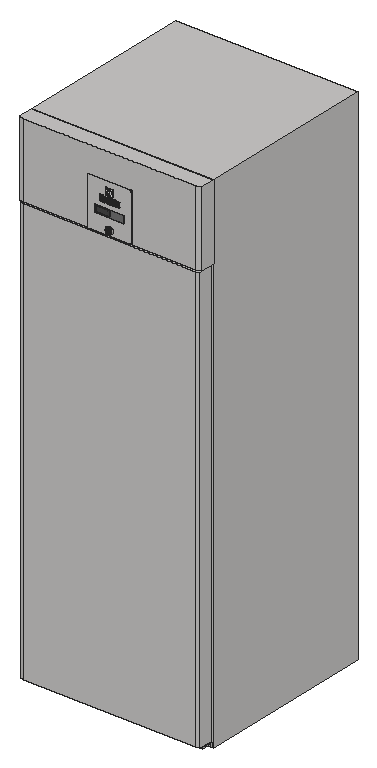
Revit family "QF_ELECTROLUXPROFESSIONAL_725158_RI075R1FRC", category Specialty Equipment, Revit 2018
Family settings
  Round Connector Dimension = Use Diameter
  Part Type = Normal
  Work Plane-Based = No
  Always vertical = Yes
  Cut with Voids When Loaded = No
  Shared = No
  Room Calculation Point = No
Parameters (values of type "Standard")
  Weight = 131.00 kg
  Watts = 0 W
  Volts = 220 V
  URL Manufacturer = "http://professional.electrolux.com"
  URL = "http://professional.electrolux.com"
  Steam Supply Size = 0 mm
  Steam Supply Minimum Pressure = 0.0 Pa
  Steam Supply Maximum Pressure = 0.0 Pa
  Steam Pounds per Hour = 0
  Refrigeration Suction Line Size = 0.026 mm
  Refrigeration Liquid Line Size = 0.026 mm
  Refrigerant Compressor Remote = yes
  Manufacturer = "Electrolux Professional"
  Phase = 1
  Model = "RI075R1FRC"
  Length Actual = 750 mm  # constant formula
  Item Number = "725158"
  Hot Water Size = 0 mm
  Height Actual = 2101 mm  # constant formula
  HP = "0.2 HP"
  Gas Size = 0 mm
  Gas KW = 0
  Gas Input Pressure = 0 W
  Direct Waste Size = 0 mm
  Description = "1-DOOR ROLL-IN REFRIGERATOR 750 LT 0/+10° REMOTE CO2+VALVE"
  Depth Actual = 816 mm  # constant formula
  Cycle = 60 Hz
  Condensate Return Size = 0 mm
  Compressed Air Volume = 0.0 L/s
  Compressed Air Size = 0 mm
  Compressed Air Pressure = 0.0 Pa
  Cold Water Size = 0 mm
  Accessory = yes
Types (2, lengths in mm): name | URL | Manufacturer | Phase | Model | Description
  (no name) | 0 | 0 | 0 | 0 | 0
  Standard | "http://professional.electrolux.com" | "Electrolux Professional" | 1 | "RI075R1FRC" | "1-DOOR ROLL-IN REFRIGERATOR 750 LT 0/+10° REMOTE CO2+VALVE"
Values of the unnamed type that differ from the named types
  Volts = 0 V
  URL Manufacturer = ""
  Item Number = ""
  Cycle = 0 Hz
Reference planes
  plane 1 "Center (Front/Back)": y = 0
  plane 2: z = 0
  plane 3 "Center (Left/Right)": x = 0
  plane 4 "TOP": z = 2101
  plane 5 "FRONT": y = -408
  plane 6 "BACK": y = 408
  plane 7 "LEFT": x = -375
  plane 8 "RIGHT": x = 375
  plane 9 "ROy": y = 220
  plane 10 "RIy": y = 167
  plane 11 "ROx": x = 130
  plane 12 "RIx": x = 193
  plane 13 "ROz": z = 1996
Forms (mm)
  Extrusion 1, solid, material "QF_Finishes_Stainless Steel"
    sketch origin (0, 0, 0) x (1, 0, 0) y (0, 1, 0)
      loop
        line (-375, 408) -> (-375, -336) -> (375, -336) -> (375, 408) -> (-375, 408)
    from 0 to 2101
  Extrusion 2, solid
    sketch origin (0, 408, 1872) x (-1, 0, 0) y (0, 0, 1)
      loop
        circle (359, 124) r 10
    from 0 to 3.2
  Extrusion 3, solid, material "QF_Clearances", detail levels coarse
    sketch origin (0, 0, 0) x (1, 0, 0) y (0, 1, 0)
      loop
        line (-375, -408) -> (-375, 408) -> (375, 408) -> (375, -408) -> (425, -408) -> (425, 458) -> (-425, 458) -> (-425, -408) -> (-375, -408)
    from 0 to 2101
  Extrusion 4, solid, material "QF_Clearances", detail levels coarse
    sketch origin (0, 0, 2101) x (-1, 0, 0) y (0, -1, 0)
      loop
        line (425, -458) -> (425, 408) -> (-425, 408) -> (-425, -458) -> (425, -458)
    from 0 to 500
  Extrusion 5, void
    sketch origin (0, 408, 0) x (-1, 0, 0) y (0, 0, 1)
      loop
        line (315, 1713.5) -> (-315, 1713.5) -> (-315, 5) -> (315, 5) -> (315, 1713.5)
    from -59 to -744
  Extrusion 6, solid, material "QF_Finishes_Stainless Steel"
    sketch origin (0, 0, 2101) x (-1, 0, 0) y (0, -1, 0)
      loop
        circle (-193, -167) r 3
    from -211 to -101
  Extrusion 7, solid, material "QF_Finishes_Stainless Steel"
    sketch origin (260, 440, 0) x (0, -1, 0) y (0, 0, 1)
      loop
        circle (220, 1996) r 4.9
    from 205 to 130
Cuts and joins
  joined: Extrusion 3, Extrusion 4
  Extrusion 5 cuts Extrusion 1
Lines and regions (mm)
  symbolic lines, style "QF_Clearances", detail levels coarse
    curve 1: line (-375, -408, 2101) -> (-425, -408, 2101)
    curve 2: line (-425, -408, 2101) -> (-425, 458, 2101)
    curve 3: line (-425, 458, 2101) -> (425, 458, 2101)
    curve 4: line (425, 458, 2101) -> (425, -408, 2101)
    curve 5: line (425, -408, 2101) -> (375, -408, 2101)
Dimensions and locks
  plane 6 "BACK" to plane 1 "Center (Front/Back)" to plane 5 "FRONT" = 408 mm, 408 mm
  equal spacing: plane 7 "LEFT", plane 3 "Center (Left/Right)", plane 8 "RIGHT"
  plane 7 "LEFT" to plane 8 "RIGHT" = 750 mm
  plane 6 "BACK" to plane 5 "FRONT" = 816 mm
  plane 4 "TOP" to plane 2 = 2101 mm
  equal spacing: plane 8 "RIGHT", plane 3 "Center (Left/Right)", plane 7 "LEFT"
  plane 6 "BACK" to nested 1 = 1494 mm
  cut or joined group of Extrusion 1, Extrusion 5 to cut or joined group of Extrusion 1, Extrusion 5 = 630 mm
  cut or joined group of Extrusion 1, Extrusion 5 to cut or joined group of Extrusion 1, Extrusion 5 = 685 mm
  plane 6 "BACK" to plane 10 "RIy" = 241 mm
  plane 6 "BACK" to plane 9 "ROy" = 188 mm
  plane 12 "RIx" to cut or joined group of Extrusion 1, Extrusion 5 = 182 mm
  plane 11 "ROx" to plane 12 "RIx" = 63 mm
  cut or joined group of Extrusion 1, Extrusion 5 to plane 13 "ROz" = 105 mm
  cut or joined group of Extrusion 3, Extrusion 4 to plane 4 "TOP" = 500 mm
  nested 1 to cut or joined group of Extrusion 1, Extrusion 5 = 810 mm
  nested 1 to nested 1 = 16 mm
  cut or joined group of Extrusion 3, Extrusion 4 to cut or joined group of Extrusion 1, Extrusion 5 = 50 mm
  cut or joined group of Extrusion 3, Extrusion 4 to plane 7 "LEFT" = 50 mm
  cut or joined group of Extrusion 1, Extrusion 5 to cut or joined group of Extrusion 3, Extrusion 4 = 50 mm
  plane 4 "TOP" to plane 13 "ROz" = 105 mm
  aligned and locked: level to plane 2
Automatic sketch dimensions
  plane 7 "LEFT" to Extrusion 2 sketch curve = 16 mm
  Extrusion 4 sketch curve to plane 5 "FRONT" = 0 mm
  Extrusion 4 sketch curve to plane 8 "RIGHT" = 50 mm
  Extrusion 4 sketch curve to plane 7 "LEFT" = 50 mm
  plane 6 "BACK" to Extrusion 4 sketch curve = 50 mm
  curve 5 to plane 5 "FRONT" = 0 mm
  curve 5 to plane 8 "RIGHT" = 0 mm
  curve 1 to plane 5 "FRONT" = 0 mm
  curve 1 to plane 7 "LEFT" = 0 mm
  curve 4 to plane 8 "RIGHT" = 50 mm
  curve 2 to plane 7 "LEFT" = 50 mm
  plane 6 "BACK" to curve 3 = 50 mm
  Extrusion 1 sketch curve to plane 7 "LEFT" = 0 mm
  Extrusion 1 sketch curve to plane 8 "RIGHT" = 0 mm
  Extrusion 1 sketch curve to plane 6 "BACK" = 0 mm
  plane 5 "FRONT" to Extrusion 1 sketch curve = 72 mm
  Extrusion 2 sketch curve to plane 4 "TOP" = 105 mm
  Extrusion 3 sketch curve to plane 5 "FRONT" = 0 mm  (x2)
  Extrusion 3 sketch curve to plane 7 "LEFT" = 0 mm
  Extrusion 3 sketch curve to plane 6 "BACK" = 0 mm
  Extrusion 3 sketch curve to plane 8 "RIGHT" = 0 mm
  Extrusion 3 sketch curve to plane 7 "LEFT" = 50 mm
  Extrusion 3 sketch curve to plane 8 "RIGHT" = 50 mm
  plane 6 "BACK" to Extrusion 3 sketch curve = 50 mm
  level to Extrusion 5 sketch curve = 5 mm
  plane 8 "RIGHT" to Extrusion 5 sketch curve = 60 mm
  plane 7 "LEFT" to Extrusion 5 sketch curve = 60 mm
  Extrusion 5 sketch curve to plane 4 "TOP" = 387.5 mm
  Extrusion 6 sketch curve to plane 10 "RIy" = 0 mm
  Extrusion 6 sketch curve to plane 12 "RIx" = 0 mm
  Extrusion 7 sketch curve to plane 9 "ROy" = 0 mm
  Extrusion 7 sketch curve to plane 13 "ROz" = 0 mm
  radius of Extrusion 2 sketch curve = 10 mm
  radius of Extrusion 6 sketch curve = 3 mm
  radius of Extrusion 7 sketch curve = 4.9 mm
Nested families
  nested 1: "QF_725158_Door" at (0, -336, 1050.5) x (1, 0, 0) z (0, -1, 0), type "QF_725158_Door"
    with Show Clearance yes
  nested 2: "Refrigerator" at (370, -442.5, 110), type "Refrigerator"
Connectors
  electrical at (-359, 411.2, 1996), driven by "Volts"
    settings: on Extrusion 2, index 2, voltage 220 V, apparent load 0 VA, apparent load phase1 0 VA, apparent load phase2 0 VA, apparent load phase3 0 VA, power factor 1, load classification "Other", number of poles 1, system type 30, power factor state 1, is connector primary yes, connector utility no, sub classification motor no, connector description "Electrical Connection"
  piping at (193, 167, 2000), diameter 8
    settings: on Extrusion 6, index 3, connector inside diameter 609.6 mm, connector length 0 mm, flow factor 0, pipe flow 0.0 L/s, pressure drop 0.0 Pa, fitting loss kfactor 0, connector angle 0.00°, fixture units 0, engagement length 0 mm, angle of deflection 0.00°, flow configuration 1, flow direction 1, fitting loss method 0, system type 7, joint type 0, gender type 0, connector reference index -1, connector utility 0, adjustable connector no, is connector primary yes, connector description "Refrigerant Inlet"
  piping at (130, 220, 1996), diameter 8
    settings: on Extrusion 7, index 4, connector inside diameter 609.6 mm, connector length 0 mm, flow factor 0, pipe flow 0.0 L/s, pressure drop 0.0 Pa, fitting loss kfactor 0, connector angle 0.00°, fixture units 0, engagement length 0 mm, angle of deflection 0.00°, flow configuration 1, flow direction 2, fitting loss method 0, system type 7, joint type 0, gender type 0, connector reference index -1, connector utility 0, adjustable connector no, is connector primary no, connector description "Refrigerant Outlet"
Definition of nested family "QF_725158_Door"
  Parameters
    Show Clearance [instance] = yes
    Model = "725158"
    Default Elevation = 1219.2 mm
  Reference planes
    plane 1 "Center (Front/Back)": y = 0
    plane 2: z = 0
    plane 3 "Center (Left/Right)": x = 0
  Forms (mm)
    Extrusion 1, solid
      sketch origin (0, -919.2, 0) x (1, 0, 0) y (0, 1, 0)
        loop
          line (-740, 2119.2) -> (-740, -324.806) -> (846.344, -324.806) -> (846.344, 2119.2) -> (-740, 2119.2)
      from 0 to -59.546
    Extrusion 2, solid
      sketch origin (0, 0, 0) x (1, 0, 0) y (0, 0, 1)
        loop
          line (-375, 60.667) -> (-375, 0) -> (375, 0) -> (375, 60.667) -> (355, 66) -> (-355, 66) -> (-375, 60.667)
      from -1050.5 to -740.5
    Extrusion 3, solid
      sketch origin (0, 0, 0) x (1, 0, 0) y (0, 0, 1)
        loop
          line (-370, 62) -> (-370, 26) -> (-348, 26) -> (-348, 8) -> (-330, 8) -> (-330, 0) -> (362, 0) -> (362, 8) -> (370, 8) -> (370, 62) -> (355, 66) -> (-355, 66) -> (-370, 62)
      from -733.5 to 1025.5
    Extrusion 4, solid
      sketch origin (147, -711.5, 0) x (0, 1, 0) y (0, 0, 1)
        loop
          line (-323.003, 40.312) -> (-316.501, 40.312) -> (-316.501, 42.812) -> (-325.503, 42.812) -> (-325.503, 2.5) -> (-339, 2.5) -> (-339, 0) -> (-323.003, 0) -> (-323.003, 12.259) -> (-323.003, 40.312)
        loop
          line (-314, 38.311) -> (-316.501, 38.311) -> (-316.501, 14.304) -> (-319.752, 14.304) -> (-319.752, 11.804) -> (-314, 11.804) -> (-314, 38.311)
      from 185 to 220
    Extrusion 5, solid
      sketch origin (147, 499.597, 0) x (0, 1, 0) y (0, 0, 1)
        loop
          line (233.903, 27.948) -> (233.903, 2.948) -> (233.903, 0) -> (240.903, 0) -> (240.903, 2.5) -> (236.403, 2.5) -> (236.403, 27.948) -> (233.903, 27.948)
      from 185 to 220
    Extrusion 6, solid, detail levels coarse
      sketch origin (24, 1013.369, -334) x (-1, 0, 0) y (0, 0, -1)
        loop
          line (-367, -352) -> (-367, -1084) -> (-329, -1084) -> (-329, -1062) -> (-311, -1062) -> (-311, -1044) -> (-303, -1044) -> (-303, -400) -> (-351, -400) -> (-351, -352) -> (-367, -352)
      from 2038.869 to 279.869
    Extrusion 7, solid, detail levels coarse
      sketch origin (41, 1123.369, -334) x (1, 0, 0) y (0, 0, 1)
        loop
          line (286, 400) -> (286, 1044) -> (294, 1044) -> (294, 1062) -> (312, 1062) -> (312, 1084)
          arc (312, 1084) -> (-184.675, 884.882) -> (-411, 400) r 727.877
          line (-411, 400) -> (286, 400)
      from 2148.869 to 389.869
  Lines and regions (mm)
    symbolic lines
      curve 1: line (-375, 0, 0) -> (-375, 0, 60.667)
      curve 2: line (375, 0, 0) -> (-375, 0, 0)
      curve 3: line (391, 0, 18) -> (391, 0, 750)
      curve 4: line (327, 0, 66) -> (327, 0, 710)
      curve 5: line (391, 0, 750) -> (353, 0, 750)
      curve 6: line (353, 0, 728) -> (353, 0, 750)
      curve 7: line (335, 0, 728) -> (353, 0, 728)
      curve 8: line (335, 0, 710) -> (335, 0, 728)
      curve 9: line (327, 0, 710) -> (335, 0, 710)
      curve 10: line (375, 0, 18) -> (391, 0, 18)
      curve 11: arc (353, 0, 750) -> (-143.675, 0, 550.882) -> (-370, 0, 66) r 727.877
      curve 12: line (375, 0, 0) -> (375, 0, 60.667)
      curve 13: line (-355, 0, 66) -> (-375, 0, 60.667)
      curve 14: line (355, 0, 66) -> (-355, 0, 66)
      curve 15: line (375, 0, 60.667) -> (355, 0, 66)
  Dimensions and locks
    Extrusion 4 to Extrusion 2 = 2101 mm
    Extrusion 3 to Extrusion 3 = 740 mm
    aligned and locked: plane 2 to Extrusion 1
    aligned and locked: level to Extrusion 1
  Nested families
    nested 1: "QF_DisplayNewRollCabinets_ELX" at (0, 840.5, 66), type "QF_DisplayNewRollCabinets_ELX"
      with Show Clearance yes
  Definition of nested family "QF_DisplayNewRollCabinets_ELX"
    Parameters
      Show Clearance [instance] = yes
      Model = "728658"
      Default Elevation = 1219.2 mm
    Reference planes
      plane 1 "Center (Front/Back)": y = 0
      plane 2: z = 0
      plane 3 "Center (Left/Right)": x = 0
    Forms (mm)
      Extrusion 1, solid
        sketch origin (0, -919.2, 0) x (1, 0, 0) y (0, 1, 0)
          loop
            line (-198.75, 1146.2) -> (-198.75, 709.567) -> (165.741, 709.567) -> (165.741, 1146.2) -> (-198.75, 1146.2)
        from 0 to -59.546
      Extrusion 2, solid
        sketch origin (-59, -79.611, 0) x (0, 1, 0) y (-1, 0, 0)
          loop
            circle (0.611, -59) r 14
          loop
            circle (0.611, -59) r 10
        from 1.6 to 6
      Extrusion 3, solid
        sketch origin (744.635, 285.889, 0) x (0, 1, 0) y (-1, 0, 0)
          loop
            circle (-364.889, 744.635) r 10
          loop
            circle (-364.889, 744.635) r 9
        from 1.6 to 6
      Extrusion 4, solid
        sketch origin (744.635, 285.889, 0) x (0, 1, 0) y (-1, 0, 0)
          loop
            circle (-364.889, 744.635) r 8.7
        from 1.6 to 6
      Extrusion 5, void
        sketch origin (744.635, 285.889, 0) x (0, 1, 0) y (-1, 0, 0)
          loop
            line (-372.339, 745.885) -> (-372.339, 743.385) -> (-362.339, 743.385) -> (-362.339, 745.885) -> (-372.339, 745.885)
        from 3 to 7
      Extrusion 6, solid
        sketch origin (0, 0, 0) x (1, 0, 0) y (0, 1, 0)
          loop
            arc (-90, -95) -> (-88.536, -98.536) -> (-85, -100) r 5
            line (-85, -100) -> (85, -100)
            arc (85, -100) -> (88.536, -98.536) -> (90, -95) r 5
            line (90, -95) -> (90, 95)
            arc (90, 95) -> (88.536, 98.536) -> (85, 100) r 5
            line (85, 100) -> (-85, 100)
            arc (-85, 100) -> (-88.536, 98.536) -> (-90, 95) r 5
            line (-90, 95) -> (-90, -95)
          loop
            line (-60, -3.798) -> (-60, -32.827) -> (60, -32.827) -> (60, -3.798) -> (-60, -3.798)
        from 0 to 1.6
      Extrusion 7, solid
        sketch origin (0, 0, 0) x (1, 0, 0) y (0, 1, 0)
          loop
            line (-60, -3.798) -> (-60, -32.827) -> (60, -32.827) -> (60, -3.798) -> (-60, -3.798)
          loop
            line (-56.428, -8.037) -> (-56.428, -28.331) -> (0, -28.331) -> (0, -8.037) -> (-56.428, -8.037)
        from 0 to 1.6
      Extrusion 8, solid
        sketch origin (0, 0, 0) x (1, 0, 0) y (0, 1, 0)
          loop
            line (-56.428, -8.037) -> (-56.428, -28.331) -> (0, -28.331) -> (0, -8.037) -> (-56.428, -8.037)
        from 0 to 1.6
      Extrusion 9, solid
        sketch origin (0, 0, 0) x (1, 0, 0) y (0, 1, 0)
          loop
            spline (-35.495, 30.517) -> (-35.679, 30.525) -> (-35.875, 30.55) -> (-36.078, 30.596) -> (-36.282, 30.665) -> (-36.483, 30.762) -> (-36.674, 30.888) -> (-36.851, 31.047) -> (-37.007, 31.242) -> (-37.138, 31.476) -> (-37.238, 31.752) -> (-37.302, 32.073) -> (-37.325, 32.443)
            line (-37.325, 32.443) -> (-37.325, 34.082) -> (-31.914, 34.082) -> (-31.914, 36.172) -> (-37.326, 36.172) -> (-37.326, 39.215) -> (-31.569, 39.215) -> (-31.569, 41.3) -> (-39.541, 41.3) -> (-39.541, 32.538)
            spline (-39.541, 32.538) -> (-39.521, 31.999) -> (-39.461, 31.491) -> (-39.359, 31.016) -> (-39.214, 30.575) -> (-39.026, 30.17) -> (-38.792, 29.803) -> (-38.513, 29.476) -> (-38.186, 29.19) -> (-37.811, 28.948) -> (-37.386, 28.75) -> (-36.91, 28.599) -> (-36.383, 28.497)
            line (-36.383, 28.497) -> (-35.513, 28.434) -> (-31.415, 28.434) -> (-31.415, 30.517) -> (-35.495, 30.517)
          loop
            line (-29.841, 35.221) -> (-29.841, 28.431) -> (-27.625, 28.431) -> (-27.625, 41.303) -> (-29.841, 41.303) -> (-29.841, 35.221)
          loop
            spline (-16.689, 32.543) -> (-16.674, 33.24) -> (-16.741, 33.914) -> (-16.887, 34.559) -> (-17.108, 35.168) -> (-17.403, 35.737) -> (-17.768, 36.257) -> (-18.2, 36.724) -> (-18.697, 37.131) -> (-19.255, 37.471) -> (-19.872, 37.739) -> (-20.545, 37.929) -> (-21.271, 38.033)
            spline (-21.271, 38.033) -> (-21.961, 37.993) -> (-22.617, 37.875) -> (-23.233, 37.682) -> (-23.805, 37.417) -> (-24.328, 37.083) -> (-24.797, 36.683) -> (-25.207, 36.219) -> (-25.554, 35.696) -> (-25.832, 35.116) -> (-26.036, 34.481) -> (-26.162, 33.795) -> (-26.206, 33.061)
            spline (-26.206, 33.061) -> (-26.164, 32.345) -> (-26.041, 31.676) -> (-25.841, 31.056) -> (-25.568, 30.489) -> (-25.226, 29.977) -> (-24.818, 29.524) -> (-24.348, 29.133) -> (-23.822, 28.805) -> (-23.241, 28.546) -> (-22.61, 28.357) -> (-21.934, 28.241) -> (-21.215, 28.202)
            spline (-21.215, 28.202) -> (-20.865, 28.21) -> (-20.518, 28.237) -> (-20.176, 28.283) -> (-19.837, 28.35) -> (-19.503, 28.441) -> (-19.173, 28.557) -> (-18.847, 28.699) -> (-18.525, 28.87) -> (-18.208, 29.07) -> (-17.895, 29.303) -> (-17.587, 29.569) -> (-17.283, 29.871)
            line (-17.283, 29.871) -> (-18.618, 31.17)
            spline (-18.618, 31.17) -> (-18.794, 31.001) -> (-18.971, 30.845) -> (-19.151, 30.704) -> (-19.334, 30.578) -> (-19.523, 30.465) -> (-19.72, 30.368) -> (-19.925, 30.284) -> (-20.141, 30.216) -> (-20.369, 30.163) -> (-20.61, 30.125) -> (-20.867, 30.102) -> (-21.141, 30.094)
            spline (-21.141, 30.094) -> (-21.542, 30.114) -> (-21.918, 30.172) -> (-22.268, 30.268) -> (-22.589, 30.399) -> (-22.881, 30.564) -> (-23.142, 30.762) -> (-23.37, 30.99) -> (-23.564, 31.248) -> (-23.721, 31.534) -> (-23.841, 31.846) -> (-23.921, 32.183) -> (-23.961, 32.543)
            line (-23.961, 32.543) -> (-16.689, 32.543)
          loop
            spline (-18.915, 34.101) -> (-18.937, 34.375) -> (-19, 34.638) -> (-19.101, 34.889) -> (-19.237, 35.124) -> (-19.407, 35.342) -> (-19.606, 35.538) -> (-19.833, 35.712) -> (-20.083, 35.859) -> (-20.355, 35.979) -> (-20.646, 36.067) -> (-20.952, 36.122) -> (-21.271, 36.141)
            spline (-21.271, 36.141) -> (-21.613, 36.123) -> (-21.943, 36.069) -> (-22.256, 35.981) -> (-22.552, 35.864) -> (-22.825, 35.717) -> (-23.075, 35.545) -> (-23.297, 35.35) -> (-23.49, 35.133) -> (-23.65, 34.897) -> (-23.774, 34.645) -> (-23.86, 34.379) -> (-23.905, 34.101)
            line (-23.905, 34.101) -> (-18.915, 34.101)
          loop
            spline (-13.301, 33.118) -> (-13.275, 33.53) -> (-13.201, 33.921) -> (-13.081, 34.288) -> (-12.918, 34.628) -> (-12.715, 34.938) -> (-12.475, 35.216) -> (-12.201, 35.459) -> (-11.896, 35.664) -> (-11.563, 35.828) -> (-11.205, 35.948) -> (-10.825, 36.023) -> (-10.425, 36.048)
            spline (-10.425, 36.048) -> (-10.18, 36.041) -> (-9.946, 36.018) -> (-9.721, 35.98) -> (-9.505, 35.928) -> (-9.298, 35.862) -> (-9.099, 35.782) -> (-8.908, 35.688) -> (-8.724, 35.581) -> (-8.547, 35.461) -> (-8.376, 35.329) -> (-8.211, 35.185) -> (-8.051, 35.028)
            line (-8.051, 35.028) -> (-6.678, 36.457)
            spline (-6.678, 36.457) -> (-6.951, 36.73) -> (-7.233, 36.975) -> (-7.522, 37.194) -> (-7.819, 37.386) -> (-8.123, 37.553) -> (-8.434, 37.695) -> (-8.751, 37.813) -> (-9.075, 37.908) -> (-9.404, 37.98) -> (-9.739, 38.031) -> (-10.08, 38.061) -> (-10.425, 38.07)
            spline (-10.425, 38.07) -> (-11.118, 38.028) -> (-11.781, 37.902) -> (-12.409, 37.698) -> (-12.996, 37.421) -> (-13.537, 37.075) -> (-14.024, 36.665) -> (-14.453, 36.196) -> (-14.817, 35.671) -> (-15.11, 35.097) -> (-15.327, 34.476) -> (-15.462, 33.815) -> (-15.508, 33.118)
            spline (-15.508, 33.118) -> (-15.462, 32.42) -> (-15.327, 31.759) -> (-15.11, 31.138) -> (-14.817, 30.564) -> (-14.453, 30.039) -> (-14.024, 29.57) -> (-13.537, 29.16) -> (-12.996, 28.814) -> (-12.409, 28.537) -> (-11.781, 28.333) -> (-11.118, 28.207) -> (-10.425, 28.165)
            spline (-10.425, 28.165) -> (-10.08, 28.174) -> (-9.739, 28.204) -> (-9.404, 28.255) -> (-9.075, 28.327) -> (-8.751, 28.422) -> (-8.434, 28.54) -> (-8.123, 28.682) -> (-7.819, 28.849) -> (-7.522, 29.041) -> (-7.233, 29.26) -> (-6.951, 29.505) -> (-6.678, 29.779)
            line (-6.678, 29.779) -> (-8.051, 31.207)
            spline (-8.051, 31.207) -> (-8.211, 31.05) -> (-8.376, 30.906) -> (-8.547, 30.774) -> (-8.724, 30.654) -> (-8.908, 30.547) -> (-9.099, 30.453) -> (-9.298, 30.373) -> (-9.505, 30.307) -> (-9.721, 30.255) -> (-9.946, 30.217) -> (-10.18, 30.194) -> (-10.425, 30.187)
            spline (-10.425, 30.187) -> (-10.825, 30.212) -> (-11.205, 30.287) -> (-11.563, 30.407) -> (-11.896, 30.571) -> (-12.201, 30.776) -> (-12.475, 31.019) -> (-12.715, 31.297) -> (-12.918, 31.607) -> (-13.081, 31.947) -> (-13.201, 32.314) -> (-13.275, 32.705) -> (-13.301, 33.118)
          loop
            spline (-1.029, 30.514) -> (-1.224, 30.511) -> (-1.433, 30.525) -> (-1.651, 30.562) -> (-1.872, 30.623) -> (-2.09, 30.713) -> (-2.301, 30.835) -> (-2.498, 30.992) -> (-2.675, 31.189) -> (-2.829, 31.429) -> (-2.952, 31.716) -> (-3.039, 32.053) -> (-3.086, 32.443)
            line (-3.086, 32.443) -> (-3.086, 35.726) -> (-1.07, 35.726) -> (-1.07, 37.739) -> (-3.083, 37.739) -> (-3.083, 41.303) -> (-5.299, 41.303) -> (-5.299, 32.317)
            spline (-5.299, 32.317) -> (-5.251, 31.795) -> (-5.165, 31.305) -> (-5.04, 30.847) -> (-4.875, 30.424) -> (-4.668, 30.037) -> (-4.418, 29.687) -> (-4.125, 29.377) -> (-3.788, 29.108) -> (-3.405, 28.881) -> (-2.975, 28.699) -> (-2.498, 28.562) -> (-1.972, 28.474)
            line (-1.972, 28.474) -> (-1.037, 28.431) -> (-1.029, 30.514)
          loop
            spline (6.427, 37.868) -> (6.044, 37.892) -> (5.675, 37.885) -> (5.321, 37.849) -> (4.984, 37.784) -> (4.663, 37.692) -> (4.362, 37.573) -> (4.079, 37.428) -> (3.817, 37.259) -> (3.576, 37.066) -> (3.358, 36.85) -> (3.163, 36.613) -> (2.992, 36.355)
            line (2.992, 36.355) -> (2.992, 37.739) -> (0.794, 37.739) -> (0.794, 28.431) -> (2.992, 28.431) -> (2.992, 33.325)
            spline (2.992, 33.325) -> (3.013, 33.696) -> (3.072, 34.042) -> (3.169, 34.362) -> (3.303, 34.653) -> (3.471, 34.915) -> (3.673, 35.147) -> (3.907, 35.346) -> (4.171, 35.513) -> (4.465, 35.644) -> (4.785, 35.74) -> (5.132, 35.799) -> (5.504, 35.818)
            line (5.504, 35.818) -> (6.427, 35.726) -> (6.427, 37.868)
          loop
            spline (16.924, 33.085) -> (16.877, 33.768) -> (16.743, 34.419) -> (16.525, 35.032) -> (16.231, 35.603) -> (15.866, 36.126) -> (15.437, 36.596) -> (14.949, 37.008) -> (14.409, 37.357) -> (13.823, 37.637) -> (13.196, 37.844) -> (12.535, 37.972) -> (11.845, 38.016)
            spline (11.845, 38.016) -> (11.152, 37.972) -> (10.488, 37.844) -> (9.86, 37.637) -> (9.273, 37.357) -> (8.733, 37.008) -> (8.246, 36.596) -> (7.818, 36.126) -> (7.455, 35.603) -> (7.163, 35.032) -> (6.946, 34.419) -> (6.812, 33.768) -> (6.766, 33.085)
            spline (6.766, 33.085) -> (6.812, 32.402) -> (6.946, 31.752) -> (7.163, 31.138) -> (7.455, 30.568) -> (7.818, 30.045) -> (8.246, 29.574) -> (8.733, 29.162) -> (9.273, 28.813) -> (9.86, 28.533) -> (10.488, 28.326) -> (11.152, 28.198) -> (11.845, 28.154)
            spline (11.845, 28.154) -> (12.535, 28.198) -> (13.196, 28.326) -> (13.823, 28.533) -> (14.409, 28.813) -> (14.949, 29.162) -> (15.437, 29.574) -> (15.866, 30.045) -> (16.231, 30.568) -> (16.525, 31.138) -> (16.743, 31.752) -> (16.877, 32.402) -> (16.924, 33.085)
          loop
            spline (14.726, 33.085) -> (14.7, 33.488) -> (14.625, 33.872) -> (14.504, 34.235) -> (14.34, 34.572) -> (14.136, 34.882) -> (13.895, 35.161) -> (13.62, 35.405) -> (13.315, 35.612) -> (12.981, 35.778) -> (12.623, 35.901) -> (12.244, 35.977) -> (11.845, 36.003)
            spline (11.845, 36.003) -> (11.443, 35.977) -> (11.061, 35.901) -> (10.702, 35.778) -> (10.368, 35.612) -> (10.063, 35.405) -> (9.789, 35.161) -> (9.549, 34.882) -> (9.346, 34.572) -> (9.184, 34.235) -> (9.064, 33.872) -> (8.99, 33.488) -> (8.965, 33.085)
            spline (8.965, 33.085) -> (8.99, 32.682) -> (9.064, 32.298) -> (9.184, 31.936) -> (9.346, 31.598) -> (9.549, 31.288) -> (9.789, 31.01) -> (10.063, 30.765) -> (10.368, 30.558) -> (10.702, 30.392) -> (11.061, 30.269) -> (11.443, 30.193) -> (11.845, 30.167)
            spline (11.845, 30.167) -> (12.244, 30.193) -> (12.623, 30.269) -> (12.981, 30.392) -> (13.315, 30.558) -> (13.62, 30.765) -> (13.895, 31.01) -> (14.136, 31.288) -> (14.34, 31.598) -> (14.504, 31.936) -> (14.625, 32.298) -> (14.7, 32.682) -> (14.726, 33.085)
          loop
            line (18.286, 35.443) -> (18.286, 28.431) -> (20.504, 28.431) -> (20.504, 41.303) -> (18.286, 41.303) -> (18.286, 35.443)
          loop
            line (28.496, 37.739) -> (28.496, 32.328)
            spline (28.496, 32.328) -> (28.478, 31.977) -> (28.426, 31.659) -> (28.342, 31.376) -> (28.228, 31.126) -> (28.085, 30.908) -> (27.916, 30.721) -> (27.723, 30.566) -> (27.508, 30.44) -> (27.273, 30.344) -> (27.019, 30.276) -> (26.748, 30.236) -> (26.464, 30.223)
            spline (26.464, 30.223) -> (26.18, 30.236) -> (25.909, 30.276) -> (25.656, 30.344) -> (25.42, 30.44) -> (25.205, 30.564) -> (25.012, 30.719) -> (24.843, 30.904) -> (24.701, 31.12) -> (24.587, 31.368) -> (24.503, 31.648) -> (24.451, 31.962) -> (24.433, 32.309)
            line (24.433, 32.309) -> (24.433, 37.739) -> (22.198, 37.739) -> (22.198, 32.125)
            spline (22.198, 32.125) -> (22.238, 31.488) -> (22.352, 30.91) -> (22.537, 30.388) -> (22.786, 29.923) -> (23.095, 29.514) -> (23.456, 29.16) -> (23.866, 28.863) -> (24.319, 28.62) -> (24.808, 28.432) -> (25.33, 28.298) -> (25.877, 28.218) -> (26.446, 28.191)
            spline (26.446, 28.191) -> (27.019, 28.218) -> (27.571, 28.299) -> (28.097, 28.435) -> (28.591, 28.626) -> (29.047, 28.872) -> (29.46, 29.174) -> (29.825, 29.532) -> (30.136, 29.947) -> (30.387, 30.419) -> (30.574, 30.948) -> (30.69, 31.535) -> (30.729, 32.18)
            line (30.729, 32.18) -> (30.729, 37.739) -> (28.496, 37.739)
          loop
            line (39.115, 31.408) -> (37.717, 33.362) -> (39.448, 35.719) -> (40.93, 37.739) -> (38.511, 37.739) -> (36.497, 34.95) -> (34.466, 37.739) -> (32.065, 37.739) -> (33.442, 35.856) -> (35.279, 33.344) -> (33.354, 30.663) -> (31.751, 28.431) -> (34.134, 28.431) -> (36.497, 31.719) -> (38.861, 28.431) -> (41.244, 28.431) -> (39.115, 31.408)
          loop
            line (-38.295, 23.783) -> (-40.009, 23.783) -> (-40.009, 19.333) -> (-39.095, 19.333) -> (-39.095, 20.841) -> (-38.295, 20.841)
            arc (-38.295, 20.841) -> (-36.824, 22.312) -> (-38.295, 23.783) r 1.471
          loop
            arc (-38.234, 21.69) -> (-37.702, 22.312) -> (-38.234, 22.934) r 0.63
            line (-38.234, 22.934) -> (-39.095, 22.934) -> (-39.095, 21.69) -> (-38.234, 21.69)
          loop
            line (-31.313, 23.783) -> (-33.058, 23.783) -> (-33.058, 19.333) -> (-32.144, 19.333) -> (-32.144, 20.866) -> (-31.349, 20.866) -> (-30.568, 19.333) -> (-29.53, 19.333) -> (-30.598, 21.091)
            arc (-30.598, 21.091) -> (-30.04, 21.611) -> (-29.845, 22.348) r 1.374
            arc (-29.845, 22.348) -> (-30.287, 23.365) -> (-31.313, 23.783) r 1.469
          loop
            line (-31.332, 22.942) -> (-32.144, 22.942) -> (-32.144, 21.7) -> (-31.332, 21.7)
            arc (-31.332, 21.7) -> (-30.827, 22.321) -> (-31.332, 22.942) r 0.634
          loop
            circle (-23.849, 21.558) r 2.311
          loop
            circle (-23.849, 21.558) r 1.467
          loop
            line (-17.711, 23.783) -> (-17.711, 19.333) -> (-16.796, 19.333) -> (-16.796, 21.162) -> (-15.122, 21.162) -> (-15.122, 22.003) -> (-16.796, 22.003) -> (-16.796, 22.942) -> (-14.961, 22.942) -> (-14.961, 23.783) -> (-17.711, 23.783)
          loop
            line (-11.187, 23.783) -> (-11.187, 20.776)
            arc (-11.187, 20.776) -> (-10.776, 19.757) -> (-9.763, 19.333) r 1.424
            line (-9.763, 19.333) -> (-8.326, 19.333) -> (-8.326, 20.174) -> (-9.388, 20.174)
            arc (-9.388, 20.174) -> (-10.074, 20.494) -> (-10.272, 21.224) r 0.897
            line (-10.272, 21.224) -> (-8.492, 21.224) -> (-8.492, 22.065) -> (-10.272, 22.065) -> (-10.272, 22.942) -> (-8.369, 22.942) -> (-8.369, 23.783) -> (-11.187, 23.783)
          loop
            line (-2.341, 22.616) -> (-1.684, 23.067)
            arc (-1.684, 23.067) -> (-2.293, 23.661) -> (-3.121, 23.857) r 1.593
            arc (-3.121, 23.857) -> (-3.842, 23.672) -> (-4.423, 23.206) r 1.765
            arc (-4.423, 23.206) -> (-4.501, 22.623) -> (-4.383, 22.046) r 1.775
            arc (-4.383, 22.046) -> (-3.986, 21.617) -> (-3.47, 21.346) r 1.724
            arc (-3.47, 21.346) -> (-3.071, 21.188) -> (-2.688, 20.994) r 4.507
            arc (-2.688, 20.994) -> (-2.464, 20.43) -> (-2.973, 20.098) r 0.479
            arc (-2.973, 20.098) -> (-3.616, 20.315) -> (-4.111, 20.78) r 1.593
            line (-4.111, 20.78) -> (-4.81, 20.341)
            arc (-4.81, 20.341) -> (-4.533, 19.884) -> (-4.129, 19.534) r 1.711
            arc (-4.129, 19.534) -> (-3.616, 19.315) -> (-3.061, 19.259) r 1.845
            arc (-3.061, 19.259) -> (-2.375, 19.396) -> (-1.757, 19.724) r 2.41
            arc (-1.757, 19.724) -> (-1.484, 20.45) -> (-1.625, 21.213) r 1.447
            arc (-1.625, 21.213) -> (-1.929, 21.564) -> (-2.319, 21.818) r 1.678
            arc (-2.319, 21.818) -> (-2.811, 22.038) -> (-3.316, 22.227) r 8.836
            arc (-3.316, 22.227) -> (-3.607, 22.681) -> (-3.186, 23.017) r 0.402
            arc (-3.186, 23.017) -> (-2.717, 22.913) -> (-2.341, 22.616) r 1.07
          loop
            line (9.023, 23.783) -> (9.023, 19.333) -> (9.938, 19.333) -> (9.938, 23.783) -> (9.023, 23.783)
          loop
            circle (16.107, 21.558) r 1.384
          loop
            circle (16.107, 21.558) r 2.311
          loop
            line (22.245, 19.333) -> (23.169, 19.333) -> (23.169, 22.131) -> (25.205, 19.333) -> (26.094, 19.333) -> (26.094, 23.783) -> (25.17, 23.783) -> (25.17, 20.9) -> (23.135, 23.783) -> (22.245, 23.783) -> (22.245, 19.333)
          loop
            line (30.707, 19.333) -> (31.141, 20.293) -> (32.787, 20.293) -> (33.22, 19.333) -> (34.204, 19.333) -> (31.937, 23.783) -> (29.725, 19.333) -> (30.707, 19.333)
          loop
            line (31.964, 22.119) -> (31.552, 21.206) -> (32.376, 21.206) -> (31.964, 22.119)
          loop
            line (38.748, 20.174) -> (38.748, 23.783) -> (37.833, 23.783) -> (37.833, 19.333) -> (40.459, 19.333) -> (40.459, 20.174) -> (38.748, 20.174)
          loop
            line (-14.216, 47.398) -> (14.216, 47.398) -> (14.216, 75.792) -> (-14.216, 75.792) -> (-14.216, 47.398)
          loop
            line (3.797, 74.398) -> (3.797, 48.85)
            arc (3.797, 48.85) -> (13.241, 61.624) -> (3.797, 74.398) r 13.361
          loop
            line (2.497, 72.548) -> (2.497, 74.398)
            arc (2.497, 74.398) -> (-8.128, 71.983) -> (-13.247, 62.364) r 13.094
            line (-13.247, 62.364) -> (-9.02, 62.364)
            arc (-9.02, 62.364) -> (-1.469, 65.429) -> (2.497, 72.548) r 12.273
          loop
            arc (-13.247, 60.883) -> (-8.136, 51.185) -> (2.497, 48.522) r 13.436
            line (2.497, 48.522) -> (2.497, 50.7)
            arc (2.497, 50.7) -> (-1.469, 57.818) -> (-9.02, 60.883) r 12.273
            line (-9.02, 60.883) -> (-13.247, 60.883)
          loop
            line (4.381, 22.616) -> (5.039, 23.067)
            arc (5.039, 23.067) -> (4.429, 23.661) -> (3.601, 23.857) r 1.593
            arc (3.601, 23.857) -> (2.88, 23.672) -> (2.299, 23.206) r 1.765
            arc (2.299, 23.206) -> (2.221, 22.623) -> (2.339, 22.046) r 1.775
            arc (2.339, 22.046) -> (2.736, 21.617) -> (3.252, 21.346) r 1.724
            arc (3.252, 21.346) -> (3.651, 21.188) -> (4.034, 20.994) r 4.507
            arc (4.034, 20.994) -> (4.258, 20.43) -> (3.75, 20.098) r 0.479
            arc (3.75, 20.098) -> (3.106, 20.315) -> (2.611, 20.78) r 1.593
            line (2.611, 20.78) -> (1.912, 20.341)
            arc (1.912, 20.341) -> (2.189, 19.884) -> (2.594, 19.534) r 1.711
            arc (2.594, 19.534) -> (3.106, 19.315) -> (3.661, 19.259) r 1.845
            arc (3.661, 19.259) -> (4.347, 19.396) -> (4.965, 19.724) r 2.41
            arc (4.965, 19.724) -> (5.238, 20.45) -> (5.097, 21.213) r 1.447
            arc (5.097, 21.213) -> (4.793, 21.564) -> (4.403, 21.818) r 1.678
            arc (4.403, 21.818) -> (3.911, 22.038) -> (3.406, 22.227) r 8.836
            arc (3.406, 22.227) -> (3.115, 22.681) -> (3.536, 23.017) r 0.402
            arc (3.536, 23.017) -> (4.005, 22.913) -> (4.381, 22.616) r 1.07
        from 1.6 to 3.2
      Extrusion 10, solid
        sketch origin (0, 0, 0) x (1, 0, 0) y (0, 1, 0)
          loop
            line (1.25, -86.45) -> (1.25, -76.45) -> (-1.25, -76.45) -> (-1.25, -86.45) -> (1.25, -86.45)
        from 1.6 to 6
    Cuts and joins
      Extrusion 5 cuts Extrusion 4
    Lines and regions (mm)
      symbolic lines
        curve 1: line (52.518, 0, 4) -> (-53.037, 0, 4)
        curve 2: line (40, 0, 4) -> (40, 0, 6)
        curve 3: line (40, 0, 6) -> (-40, 0, 6)
        curve 4: line (-40, 0, 6) -> (-40, 0, 4)
        curve 5: line (-64.765, 0, 0) -> (-53.037, 0, 4)
        curve 6: line (52.518, 0, 4) -> (64.135, 0, 0)
    Dimensions and locks
      aligned and locked: plane 2 to Extrusion 1
      aligned and locked: level to Extrusion 1
Definition of nested family "Refrigerator"
  Reference planes
    plane 1 "Center (Front/Back)": y = 0
    plane 2: z = 0
    plane 3 "Center (Left/Right)": x = 0
  Lines and regions (mm)
    detail lines, in view "Ref. Level"
      curve 1: spline (-500, 190, 0) -> (-493.185, 166.706, 0) -> (-473.205, 145, 0) -> (-441.421, 126.36, 0) -> (-400, 112.058, 0) -> (-351.764, 103.067, 0) -> (-300, 100, 0) -> (-248.236, 103.067, 0) -> (-200, 112.058, 0) -> (-158.579, 126.36, 0) -> (-126.795, 145, 0) -> (-106.815, 166.706, 0) -> (-100, 190, 0) -> (-106.815, 213.294, 0) -> (-126.795, 235, 0) -> (-158.579, 253.64, 0) -> (-200, 267.942, 0) -> (-248.236, 276.933, 0) -> (-300, 280, 0) -> (-351.764, 276.933, 0) -> (-400, 267.942, 0) -> (-441.421, 253.64, 0) -> (-473.205, 235, 0) -> (-493.185, 213.294, 0) -> (-500, 190, 0)
      curve 2: line (-300, 130, 0) -> (-300, 250, 0)
      curve 3: line (-351.962, 220, 0) -> (-248.038, 160, 0)
      curve 4: line (-351.962, 160, 0) -> (-248.038, 220, 0)
      curve 5: line (-280.884, 246.873, 0) -> (-300, 225, 0)
      curve 6: line (-300, 225, 0) -> (-319.116, 246.873, 0)
      curve 7: line (-330.311, 207.5, 0) -> (-339.696, 234.992, 0)
      curve 8: line (-358.812, 201.882, 0) -> (-330.311, 207.5, 0)
      curve 9: line (-330.311, 172.5, 0) -> (-358.812, 178.118, 0)
      curve 10: line (-339.696, 145.008, 0) -> (-330.311, 172.5, 0)
      curve 11: line (-300, 155, 0) -> (-319.116, 133.127, 0)
      curve 12: line (-280.884, 133.127, 0) -> (-300, 155, 0)
      curve 13: line (-269.689, 172.5, 0) -> (-260.304, 145.008, 0)
      curve 14: line (-241.188, 178.118, 0) -> (-269.689, 172.5, 0)
      curve 15: line (-269.689, 207.5, 0) -> (-241.188, 201.882, 0)
      curve 16: line (-260.304, 234.992, 0) -> (-269.689, 207.5, 0)
